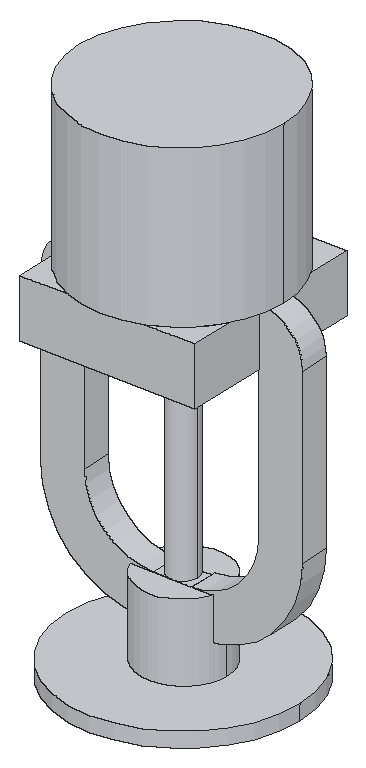
Revit family
Parameters (values of type "RASCO F1FR56-300 PENDENT")
  Temperature Rating = 155 °F
  Response = 1
  RASCO SIN # = "RA2614"
  RASCO Part # = "F1FR56P1W3"
  Pressure Rating = "300 PSI"
  Pressure Class = (empty or 0)
  Orifice Size = 1/2"
  Orifice = (empty or 0)
  Model = "F1FR56-300"
  Manufacturer = "RASCO"
  K-Factor = 5.6
  Description = "White Finish"
  Coverage = (empty or 0)
Reference planes (in)
  plane 1 "Center (Front/Back)": y = 0
  plane 2: z = 0
  plane 3 "Center (Left/Right)": x = 0
Dimensions and locks (in)
  aligned and locked: plane 2 to level
Nested families (in)
  nested 1: "F1FR56P1W3" at (-0.0113, 0, 2.4375) x (-1, 0, 0) z (0, 0, -1), type "RASCO F1FR56-300 PENDENT"
Connectors (in)
  piping at (-0.0113, 0, 2.4375)
    settings: on nested 1, index 1, connector radius 115/256", flow factor 0, pipe flow 0 GPM, pressure drop 0.00 psi, fitting loss kfactor 0, connector angle 0.00°, fixture units 0, flow configuration 0, flow direction 0, fitting loss method 0, system type 7, connector reference index -1, connector utility 0, adjustable connector no, is connector primary yes, fitting loss table "", connector description ""
Definition of nested family "F1FR56P1W3"
  Parameters (values of type "RASCO F1FR56-300 PENDENT")
    Type Comments = ""
    Temperature Rating = 0 °F
    Response = (empty or 0)
    Pressure Rating = "0"
    Pressure Class = (empty or 0)
    Orifice Size = 0"
    Orifice = (empty or 0)
    Model = ""
    Manufacturer = ""
    K-Factor = 0
    Description = ""
    Coverage = (empty or 0)
    Assembly Code = ""
  Reference planes (in)
    plane 1 "Center (Front/Back)": y = 0
    plane 2: z = 0
    plane 3 "ref.2": z = 0.6875
    plane 4 "ref.3": z = 0.9375
    plane 5: x = -0.38065
    plane 6: x = 0.36935
    plane 7 "ref. side 1": y = 0.06402
    plane 8 "ref. side 2": y = -0.06098
    plane 9 "ref.4": z = 1.875
    plane 10 "ref.5": z = 2.3125
    plane 11 "ref.6": z = 2.4375
  Forms (in)
    Extrusion 1, solid
      sketch origin (0, 0, 0) x (1, 0, 0) y (0, 1, 0)
        loop
          circle (0, 0) r 0.4379
      from 0 to 0.6875
    Extrusion 2, solid
      sketch origin (-0.12185, 0.05177, 0.6875) x (1, 0, 0) y (0, 1, 0)
        loop
          line (-0.2588, 0.356) -> (-0.2588, -0.4565) -> (0.4912, -0.4565) -> (0.4912, 0.356) -> (-0.2588, 0.356)
      from 0 to 0.25
    Extrusion 3, solid
      sketch origin (0, 0, 0) x (1, 0, 0) y (0, 0, 1)
        loop
          line (-0.38065, 0.68754) -> (-0.38065, 1.58397)
          arc (-0.38065, 1.58397) -> (-0.29541, 1.78976) -> (-0.08962, 1.875) r 0.29103
          line (-0.08962, 1.875) -> (0.07524, 1.875)
          arc (0.07524, 1.875) -> (0.28321, 1.78886) -> (0.36935, 1.58089) r 0.29411
          line (0.36935, 1.58089) -> (0.36935, 0.68751)
          arc (0.36935, 0.68751) -> (0.50207, 0.74393) -> (0.55685, 0.87734) r 0.18984
          line (0.55685, 0.87734) -> (0.55685, 1.61676)
          arc (0.55685, 1.61676) -> (0.42629, 1.93194) -> (0.11111, 2.0625) r 0.44574
          line (0.11111, 2.0625) -> (-0.12259, 2.0625)
          arc (-0.12259, 2.0625) -> (-0.43765, 1.932) -> (-0.56815, 1.61694) r 0.44556
          line (-0.56815, 1.61694) -> (-0.56815, 0.87876)
          arc (-0.56815, 0.87876) -> (-0.51345, 0.74486) -> (-0.38065, 0.68754) r 0.19126
      from -0.06402 to 0.06098
    Extrusion 4, solid
      sketch origin (0, 0, 0.9375) x (-1, 0, 0) y (0, -1, 0)
        loop
          circle (0.00574, -0.00152) r 0.0625
      from 0 to 0.9375
    Extrusion 5, solid
      sketch origin (0, 0, 1.875) x (-1, 0, 0) y (0, -1, 0)
        loop
          circle (0.00574, -0.00152) r 0.1875
      from 0 to 0.4375
    Extrusion 6, solid
      sketch origin (0, 0, 2.3125) x (0, -1, 0) y (1, 0, 0)
        loop
          circle (-0.00152, -0.00574) r 0.5
      from -0.10531 to -0.03987
  Cuts and joins
    joined: Extrusion 1, Extrusion 2, Extrusion 4
  Lines and regions (in)
    model lines
      curve 1: line (-0.00574, 0.06402, 1.875) -> (-0.00574, -0.06098, 1.875)
